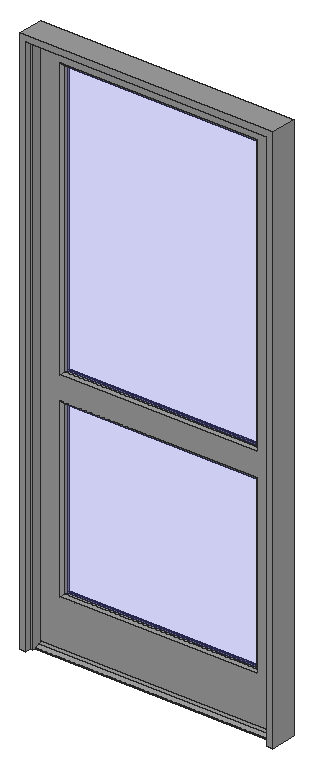
Revit family "MS-375 DOOR-VIP-0-25-CW_v04", category Curtain Panels, Revit 2015 (continued)
Definition of nested family "2.5x6-RTCIG CW-H8533-DHD-OHD SC-DI"
  Lines and regions (in)
    detail lines, in view "Ref. Level", detail levels fine
      curve 345: arc (0.74256, -1.408, 0) -> (0.71506, -1.3805, 0) -> (0.68756, -1.408, 0) r 0.0275
      curve 346: arc (2.00056, -1, 0) -> (1.96239, -1.07442, 0) -> (2.04511, -1.062, 0) r 0.047
      curve 347: arc (0.95295, -1.053, 0) -> (1.03486, -1.07804, 0) -> (0.99956, -1, 0) r 0.047
      curve 348: line (1.73306, -0.406, 0) -> (1.98306, -0.406, 0)
      curve 349: line (1.98306, -0.406, 0) -> (1.98306, -0.375, 0)
      curve 350: line (1.98306, -0.375, 0) -> (3.09256, -0.375, 0)
      curve 351: line (3.09256, -0.375, 0) -> (3.09256, -0.875, 0)
      curve 352: line (3.09256, -0.875, 0) -> (-1.15744, -0.875, 0)
      curve 353: line (-1.15744, -0.875, 0) -> (-1.15744, -0.375, 0)
      curve 354: line (-1.15744, -0.375, 0) -> (-0.04794, -0.375, 0)
      curve 355: line (-0.04794, -0.375, 0) -> (-0.04794, -0.406, 0)
      curve 356: line (-0.04794, -0.406, 0) -> (0.20206, -0.406, 0)
      curve 357: line (0.28006, -0.328, 0) -> (0.03006, -0.328, 0)
      curve 358: line (0.03006, -0.328, 0) -> (0.03006, -0.25, 0)
      curve 359: line (0.03006, -0.25, 0) -> (-1.28244, -0.25, 0)
      curve 360: line (-1.28244, -0.25, 0) -> (-1.28244, -1, 0)
      curve 361: line (-1.28244, -1, 0) -> (3.21756, -1, 0)
      curve 362: line (3.21756, -1, 0) -> (3.21756, -0.25, 0)
      curve 363: line (3.21756, -0.25, 0) -> (1.90506, -0.25, 0)
      curve 364: line (1.90506, -0.25, 0) -> (1.90506, -0.328, 0)
      curve 365: line (1.90506, -0.328, 0) -> (1.65506, -0.328, 0)
      curve 366: line (0.74256, -1.173, 0) -> (0.74256, -1.143, 0)
      curve 367: line (0.74256, -1.143, 0) -> (0.79756, -1.143, 0)
      curve 368: line (0.79756, -1.143, 0) -> (0.79756, -1.438, 0)
      curve 369: line (0.79756, -1.438, 0) -> (0.74256, -1.438, 0)
      curve 370: line (0.74256, -1.438, 0) -> (0.74256, -1.408, 0)
      curve 371: line (0.68756, -1.408, 0) -> (0.68756, -1.5, 0)
      curve 372: line (0.68756, -1.5, 0) -> (2.31256, -1.5, 0)
      curve 373: line (2.31256, -1.5, 0) -> (2.31256, -1, 0)
      curve 374: line (2.31256, -1, 0) -> (2.00056, -1, 0)
      curve 375: line (2.04511, -1.062, 0) -> (2.25056, -1.062, 0)
      curve 376: line (2.25056, -1.062, 0) -> (2.25056, -1.438, 0)
      curve 377: line (2.25056, -1.438, 0) -> (0.85956, -1.438, 0)
      curve 378: line (0.85956, -1.438, 0) -> (0.85956, -1.053, 0)
      curve 379: line (0.85956, -1.053, 0) -> (0.95295, -1.053, 0)
      curve 380: line (0.99956, -1, 0) -> (0.79756, -1, 0)
      curve 381: line (0.79756, -1, 0) -> (0.79756, -1.081, 0)
      curve 382: line (0.79756, -1.081, 0) -> (0.74256, -1.081, 0)
      curve 383: line (0.74256, -1.081, 0) -> (0.74256, -1, 0)
      curve 384: line (0.74256, -1, 0) -> (0.68756, -1, 0)
      curve 385: line (0.68756, -1, 0) -> (0.68756, -1.173, 0)
      curve 386: line (-1.28244, 0, 0) -> (-1.28244, -1, 0)
      curve 387: line (-1.28244, -1, 0) -> (0.68756, -1, 0)
      curve 388: line (0.68756, -1, 0) -> (0.68756, -1.5, 0)
      curve 389: line (0.68756, -1.5, 0) -> (2.31256, -1.5, 0)
      curve 390: line (2.31256, -1.5, 0) -> (2.31256, -1, 0)
      curve 391: line (2.31256, -1, 0) -> (3.21756, -1, 0)
      curve 392: line (3.21756, -1, 0) -> (3.21756, 0, 0)
      curve 393: line (3.21756, 0, 0) -> (-1.28244, 0, 0)
      curve 394: arc (-1.28244, -0.25, 0) -> (-1.26095, -0.125, 0) -> (-1.28244, 0, 0) r 0.37439
      curve 395: arc (3.21756, 0, 0) -> (3.19608, -0.125, 0) -> (3.21756, -0.25, 0) r 0.37439
      curve 396: arc (1.95497, -1.14175, 0) -> (1.95619, -1.1362, 0) -> (1.95482, -1.13068, 0) r 0.0125
      curve 397: arc (1.98284, -1.14139, 0) -> (1.98406, -1.13584, 0) -> (1.9827, -1.13032, 0) r 0.0125
      curve 398: arc (1.01743, -1.13032, 0) -> (1.01607, -1.13584, 0) -> (1.01729, -1.14139, 0) r 0.0125
      curve 399: arc (1.0453, -1.13068, 0) -> (1.04394, -1.1362, 0) -> (1.04516, -1.14175, 0) r 0.0125
      curve 400: arc (1.10681, -1.025, 0) -> (1.10028, -1.02684, 0) -> (1.09567, -1.03182, 0) r 0.0125
      curve 401: arc (1.90446, -1.03183, 0) -> (1.89985, -1.02684, 0) -> (1.89332, -1.025, 0) r 0.0125
      curve 402: line (-1.03244, -0.25, 0) -> (-1.03244, 0, 0)
      curve 403: line (-1.03244, 0, 0) -> (2.96756, 0, 0)
      curve 404: line (2.96756, 0, 0) -> (2.96756, -0.25, 0)
      curve 405: line (2.96756, -0.25, 0) -> (-1.03244, -0.25, 0)
      curve 406: line (-1.03244, -0.25, 0) -> (2.96756, 0, 0)
      curve 407: line (-1.03244, 0, 0) -> (2.96756, -0.25, 0)
      curve 408: line (1.95497, -1.14175, 0) -> (1.89789, -1.26122, 0)
      curve 409: line (1.89789, -1.26122, 0) -> (1.92045, -1.272, 0)
      curve 410: line (1.92045, -1.272, 0) -> (1.98284, -1.14139, 0)
      curve 411: line (1.9827, -1.13032, 0) -> (1.92904, -1.025, 0)
      curve 412: line (1.92904, -1.025, 0) -> (1.95506, -1.025, 0)
      curve 413: line (1.95506, -1.025, 0) -> (1.95506, -1, 0)
      curve 414: line (1.95506, -1, 0) -> (1.04506, -1, 0)
      curve 415: line (1.04506, -1, 0) -> (1.04506, -1.025, 0)
      curve 416: line (1.04506, -1.025, 0) -> (1.07109, -1.025, 0)
      curve 417: line (1.07109, -1.025, 0) -> (1.01743, -1.13032, 0)
      curve 418: line (1.01729, -1.14139, 0) -> (1.07968, -1.272, 0)
      curve 419: line (1.07968, -1.272, 0) -> (1.10224, -1.26122, 0)
      curve 420: line (1.10224, -1.26122, 0) -> (1.04516, -1.14175, 0)
      curve 421: line (1.0453, -1.13068, 0) -> (1.09567, -1.03182, 0)
      curve 422: line (1.10681, -1.025, 0) -> (1.89332, -1.025, 0)
      curve 423: line (1.90446, -1.03183, 0) -> (1.95482, -1.13068, 0)
      curve 424: line (0.54796, -1.18033, 0) -> (0.56296, -1.18633, 0)
      curve 425: line (0.56296, -1.18633, 0) -> (0.57696, -1.19533, 0)
      curve 426: line (0.57696, -1.19533, 0) -> (0.60296, -1.19933, 0)
      curve 427: line (0.60296, -1.19933, 0) -> (0.62096, -1.20333, 0)
      curve 428: line (0.62096, -1.20333, 0) -> (0.65696, -1.20433, 0)
      curve 429: line (0.65696, -1.20433, 0) -> (0.67296, -1.20633, 0)
      curve 430: line (0.67296, -1.20633, 0) -> (0.69296, -1.20833, 0)
      curve 431: line (0.69296, -1.20833, 0) -> (0.69696, -1.21433, 0)
      curve 432: line (0.69696, -1.21433, 0) -> (0.70996, -1.20833, 0)
      curve 433: line (0.70996, -1.20833, 0) -> (0.69696, -1.21433, 0)
      curve 434: line (0.55396, -1.35233, 0) -> (0.58296, -1.35233, 0)
      curve 435: line (0.58296, -1.35233, 0) -> (0.60796, -1.35233, 0)
      curve 436: line (0.60796, -1.35233, 0) -> (0.62496, -1.35433, 0)
      curve 437: line (0.62496, -1.35433, 0) -> (0.65696, -1.35433, 0)
      curve 438: line (0.65696, -1.35433, 0) -> (0.67696, -1.35533, 0)
      curve 439: line (0.67696, -1.35533, 0) -> (0.70396, -1.36133, 0)
      curve 440: line (0.70396, -1.36133, 0) -> (0.67496, -1.36433, 0)
      curve 441: line (0.67496, -1.36433, 0) -> (0.68996, -1.37033, 0)
      curve 442: line (0.68996, -1.37033, 0) -> (0.67296, -1.36633, 0)
      curve 443: line (0.67296, -1.36633, 0) -> (0.65096, -1.36833, 0)
      curve 444: line (0.65096, -1.36833, 0) -> (0.58796, -1.37733, 0)
      curve 445: line (0.58796, -1.37733, 0) -> (0.60596, -1.37733, 0)
      curve 446: line (0.60596, -1.37733, 0) -> (0.61696, -1.37533, 0)
      curve 447: line (0.61696, -1.37533, 0) -> (0.63196, -1.37433, 0)
      curve 448: line (0.63196, -1.37433, 0) -> (0.65896, -1.37233, 0)
      curve 449: line (0.65896, -1.37233, 0) -> (0.67896, -1.37033, 0)
      curve 450: line (0.67896, -1.37033, 0) -> (0.65296, -1.36633, 0)
      curve 451: line (0.65296, -1.36633, 0) -> (0.62296, -1.36633, 0)
      curve 452: line (0.62296, -1.36633, 0) -> (0.58996, -1.36433, 0)
      curve 453: line (0.58996, -1.36433, 0) -> (0.54796, -1.36933, 0)
      curve 454: line (0.57196, -1.38433, 0) -> (0.58996, -1.38133, 0)
      curve 455: line (0.58996, -1.38133, 0) -> (0.54796, -1.38833, 0)
      curve 456: line (0.54796, -1.38833, 0) -> (0.57196, -1.38433, 0)
      curve 457: line (0.54996, -1.24133, 0) -> (0.56796, -1.23933, 0)
      curve 458: line (0.56796, -1.23933, 0) -> (0.58096, -1.23733, 0)
      curve 459: line (0.58096, -1.23733, 0) -> (0.59396, -1.23533, 0)
      curve 460: line (0.59396, -1.23533, 0) -> (0.61496, -1.23533, 0)
      curve 461: line (0.61496, -1.23533, 0) -> (0.62796, -1.23533, 0)
      curve 462: line (0.62796, -1.23533, 0) -> (0.65696, -1.23733, 0)
      curve 463: line (0.65696, -1.23733, 0) -> (0.67096, -1.23733, 0)
      curve 464: line (0.67096, -1.23733, 0) -> (0.67896, -1.23933, 0)
      curve 465: line (0.67896, -1.23933, 0) -> (0.69696, -1.24133, 0)
      curve 466: line (0.69696, -1.24133, 0) -> (0.71096, -1.24433, 0)
      curve 467: line (0.71096, -1.24433, 0) -> (0.72796, -1.25233, 0)
      curve 468: line (0.72796, -1.25233, 0) -> (0.74196, -1.25233, 0)
      curve 469: line (0.74196, -1.25233, 0) -> (0.72596, -1.24433, 0)
      curve 470: line (0.72596, -1.24433, 0) -> (0.71096, -1.25033, 0)
      curve 471: line (0.71096, -1.25033, 0) -> (0.70196, -1.25033, 0)
      curve 472: line (0.70196, -1.25033, 0) -> (0.68596, -1.25033, 0)
      curve 473: line (0.68596, -1.25033, 0) -> (0.67096, -1.24633, 0)
      curve 474: line (0.67096, -1.24633, 0) -> (0.65496, -1.24633, 0)
      curve 475: line (0.65496, -1.24633, 0) -> (0.62296, -1.24633, 0)
      curve 476: line (0.62296, -1.24633, 0) -> (0.60596, -1.24633, 0)
      curve 477: line (0.60596, -1.24633, 0) -> (0.59396, -1.24633, 0)
      curve 478: line (0.59396, -1.24633, 0) -> (0.54796, -1.25433, 0)
      curve 479: line (0.54996, -1.20833, 0) -> (0.56096, -1.20833, 0)
      curve 480: line (0.56096, -1.20833, 0) -> (0.58096, -1.20833, 0)
      curve 481: line (0.58096, -1.20833, 0) -> (0.59196, -1.20633, 0)
      curve 482: line (0.59196, -1.20633, 0) -> (0.59896, -1.20633, 0)
      curve 483: line (0.59896, -1.20633, 0) -> (0.60596, -1.20833, 0)
      curve 484: line (0.60596, -1.20833, 0) -> (0.62296, -1.21433, 0)
      curve 485: line (0.62296, -1.21433, 0) -> (0.65496, -1.21233, 0)
      curve 486: line (0.65496, -1.21233, 0) -> (0.66196, -1.21033, 0)
      curve 487: line (0.66196, -1.21033, 0) -> (0.67096, -1.21233, 0)
      curve 488: line (0.67096, -1.21233, 0) -> (0.68096, -1.21233, 0)
      curve 489: line (0.68096, -1.21233, 0) -> (0.68996, -1.21233, 0)
      curve 490: line (0.74596, -1.21033, 0) -> (0.73496, -1.21033, 0)
      curve 491: line (0.73496, -1.21033, 0) -> (0.74196, -1.21033, 0)
      curve 492: line (0.74196, -1.21033, 0) -> (0.75296, -1.21033, 0)
      curve 493: line (0.75296, -1.21033, 0) -> (0.76396, -1.21033, 0)
      curve 494: line (0.76396, -1.21033, 0) -> (0.77496, -1.20633, 0)
      curve 495: line (0.77896, -1.20633, 0) -> (0.76796, -1.20633, 0)
      curve 496: line (0.76796, -1.20633, 0) -> (0.76096, -1.20633, 0)
      curve 497: line (0.76096, -1.20633, 0) -> (0.75296, -1.20833, 0)
      curve 498: line (0.75296, -1.20833, 0) -> (0.74596, -1.21033, 0)
      curve 499: line (0.78096, -1.27033, 0) -> (0.76996, -1.27233, 0)
      curve 500: line (0.76996, -1.27233, 0) -> (0.75496, -1.27433, 0)
      curve 501: line (0.75496, -1.27433, 0) -> (0.74396, -1.27433, 0)
      curve 502: line (0.74396, -1.27433, 0) -> (0.73496, -1.27433, 0)
      curve 503: line (0.73496, -1.27433, 0) -> (0.71496, -1.27433, 0)
      curve 504: line (0.71496, -1.27433, 0) -> (0.69696, -1.27433, 0)
      curve 505: line (0.69696, -1.27433, 0) -> (0.67496, -1.27033, 0)
      curve 506: line (0.67496, -1.27033, 0) -> (0.65696, -1.27033, 0)
      curve 507: line (0.65696, -1.27033, 0) -> (0.60996, -1.27033, 0)
      curve 508: line (0.60996, -1.27033, 0) -> (0.57396, -1.27033, 0)
      curve 509: line (0.57396, -1.27033, 0) -> (0.54796, -1.26833, 0)
      curve 510: line (0.54796, -1.26133, 0) -> (0.56796, -1.26133, 0)
      curve 511: line (0.56796, -1.26133, 0) -> (0.59696, -1.26133, 0)
      curve 512: line (0.59696, -1.26133, 0) -> (0.62496, -1.26133, 0)
      curve 513: line (0.62496, -1.26133, 0) -> (0.66796, -1.26333, 0)
      curve 514: line (0.66796, -1.26333, 0) -> (0.70096, -1.26433, 0)
      curve 515: line (0.70096, -1.26433, 0) -> (0.71896, -1.26333, 0)
      curve 516: line (0.71896, -1.26333, 0) -> (0.73296, -1.26333, 0)
      curve 517: line (0.73296, -1.26333, 0) -> (0.75096, -1.26333, 0)
      curve 518: line (0.75096, -1.26333, 0) -> (0.76096, -1.26333, 0)
      curve 519: line (0.76096, -1.26333, 0) -> (0.76796, -1.26333, 0)
      curve 520: line (0.76796, -1.26333, 0) -> (0.78096, -1.26333, 0)
      curve 521: line (0.78096, -1.25133, 0) -> (0.76996, -1.25033, 0)
      curve 522: line (0.76996, -1.25033, 0) -> (0.76196, -1.25033, 0)
      curve 523: line (0.76196, -1.25033, 0) -> (0.75096, -1.25233, 0)
      curve 524: line (0.75096, -1.25233, 0) -> (0.74196, -1.25233, 0)
      curve 525: line (0.74196, -1.25233, 0) -> (0.74996, -1.24833, 0)
      curve 526: line (0.74996, -1.24833, 0) -> (0.76396, -1.24633, 0)
      curve 527: line (0.76396, -1.24633, 0) -> (0.77496, -1.24333, 0)
      curve 528: line (0.76996, -1.22433, 0) -> (0.75496, -1.22433, 0)
      curve 529: line (0.75496, -1.22433, 0) -> (0.74196, -1.22633, 0)
      curve 530: line (0.74196, -1.22633, 0) -> (0.73296, -1.22633, 0)
      curve 531: line (0.73296, -1.22633, 0) -> (0.70996, -1.22433, 0)
      curve 532: line (0.70996, -1.22433, 0) -> (0.69896, -1.22333, 0)
      curve 533: line (0.69896, -1.22333, 0) -> (0.67696, -1.22433, 0)
      curve 534: line (0.67696, -1.22433, 0) -> (0.65296, -1.22333, 0)
      curve 535: line (0.65296, -1.22333, 0) -> (0.62296, -1.22333, 0)
      curve 536: line (0.62296, -1.22333, 0) -> (0.59896, -1.22133, 0)
      curve 537: line (0.59896, -1.22133, 0) -> (0.58096, -1.22133, 0)
      curve 538: line (0.58096, -1.22133, 0) -> (0.56096, -1.22133, 0)
      curve 539: line (0.56096, -1.22133, 0) -> (0.54796, -1.22233, 0)
      curve 540: line (0.73496, -1.21033, 0) -> (0.71896, -1.21233, 0)
      curve 541: line (0.71896, -1.21233, 0) -> (0.70996, -1.20833, 0)
      curve 542: line (0.70996, -1.20833, 0) -> (0.72396, -1.20833, 0)
      curve 543: line (0.72396, -1.20833, 0) -> (0.73296, -1.21233, 0)
      curve 544: line (0.73296, -1.37433, 0) -> (0.74396, -1.37433, 0)
      curve 545: line (0.74396, -1.37433, 0) -> (0.76096, -1.37433, 0)
      curve 546: line (0.76096, -1.37433, 0) -> (0.77296, -1.37433, 0)
      curve 547: line (0.78096, -1.37033, 0) -> (0.77096, -1.37033, 0)
      curve 548: line (0.77096, -1.37033, 0) -> (0.75496, -1.37033, 0)
      curve 549: line (0.75496, -1.37033, 0) -> (0.74796, -1.36833, 0)
      curve 550: line (0.74796, -1.36833, 0) -> (0.74096, -1.36833, 0)
      curve 551: line (0.74096, -1.36833, 0) -> (0.72996, -1.36633, 0)
      curve 552: line (0.72996, -1.36633, 0) -> (0.71496, -1.36633, 0)
      curve 553: line (0.71496, -1.36633, 0) -> (0.70396, -1.36633, 0)
      curve 554: line (0.70396, -1.36633, 0) -> (0.68996, -1.37033, 0)
      curve 555: line (0.68996, -1.37033, 0) -> (0.70596, -1.37233, 0)
      curve 556: line (0.70596, -1.37233, 0) -> (0.72096, -1.37233, 0)
      curve 557: line (0.72096, -1.37233, 0) -> (0.73296, -1.37433, 0)
      curve 558: line (0.75896, -1.35433, 0) -> (0.74796, -1.35033, 0)
      curve 559: line (0.74796, -1.35033, 0) -> (0.76396, -1.34633, 0)
      curve 560: line (0.76396, -1.34633, 0) -> (0.77296, -1.34633, 0)
      curve 561: line (0.77296, -1.34633, 0) -> (0.78096, -1.34833, 0)
      curve 562: line (0.78096, -1.34833, 0) -> (0.77296, -1.35433, 0)
      curve 563: line (0.77296, -1.35433, 0) -> (0.76596, -1.35433, 0)
      curve 564: line (0.76596, -1.35433, 0) -> (0.75896, -1.35433, 0)
      curve 565: line (0.54796, -1.31033, 0) -> (0.55896, -1.31033, 0)
      curve 566: line (0.55896, -1.31033, 0) -> (0.58796, -1.30833, 0)
      curve 567: line (0.58796, -1.30833, 0) -> (0.61496, -1.30833, 0)
      curve 568: line (0.61496, -1.30833, 0) -> (0.62796, -1.30833, 0)
      curve 569: line (0.62796, -1.30833, 0) -> (0.66196, -1.31033, 0)
      curve 570: line (0.66196, -1.31033, 0) -> (0.68096, -1.31233, 0)
      curve 571: line (0.68096, -1.31233, 0) -> (0.69896, -1.31433, 0)
      curve 572: line (0.69896, -1.31433, 0) -> (0.72096, -1.31433, 0)
      curve 573: line (0.72096, -1.31433, 0) -> (0.73696, -1.31433, 0)
      curve 574: line (0.73696, -1.31433, 0) -> (0.75896, -1.31433, 0)
      curve 575: line (0.75896, -1.31433, 0) -> (0.76596, -1.31433, 0)
      curve 576: line (0.76596, -1.31433, 0) -> (0.77896, -1.31033, 0)
      curve 577: line (0.54796, -1.32333, 0) -> (0.57896, -1.32133, 0)
      curve 578: line (0.57896, -1.32133, 0) -> (0.60496, -1.31933, 0)
      curve 579: line (0.60496, -1.31933, 0) -> (0.61896, -1.31933, 0)
      curve 580: line (0.61896, -1.31933, 0) -> (0.66196, -1.31933, 0)
      curve 581: line (0.66196, -1.31933, 0) -> (0.67696, -1.32133, 0)
      curve 582: line (0.67696, -1.32133, 0) -> (0.70096, -1.32133, 0)
      curve 583: line (0.70096, -1.32133, 0) -> (0.71496, -1.32133, 0)
      curve 584: line (0.71496, -1.32133, 0) -> (0.73496, -1.32133, 0)
      curve 585: line (0.73496, -1.32133, 0) -> (0.75096, -1.32333, 0)
      curve 586: line (0.75096, -1.32333, 0) -> (0.76196, -1.32433, 0)
      curve 587: line (0.76196, -1.32433, 0) -> (0.77096, -1.32433, 0)
      curve 588: line (0.77096, -1.32433, 0) -> (0.78096, -1.32433, 0)
      curve 589: line (0.73296, -1.35433, 0) -> (0.74796, -1.35433, 0)
      curve 590: line (0.74796, -1.35433, 0) -> (0.72596, -1.35733, 0)
      curve 591: line (0.72596, -1.35733, 0) -> (0.73296, -1.35433, 0)
      curve 592: line (0.71296, -1.35533, 0) -> (0.70396, -1.36133, 0)
      curve 593: line (0.70396, -1.36133, 0) -> (0.72596, -1.35733, 0)
      curve 594: line (0.72596, -1.35733, 0) -> (0.71296, -1.35533, 0)
      curve 595: line (0.54796, -1.29533, 0) -> (0.57696, -1.29533, 0)
      curve 596: line (0.57696, -1.29533, 0) -> (0.60996, -1.29533, 0)
      curve 597: line (0.60996, -1.29533, 0) -> (0.65296, -1.29533, 0)
      curve 598: line (0.65296, -1.29533, 0) -> (0.67296, -1.29533, 0)
      curve 599: line (0.67296, -1.29533, 0) -> (0.69896, -1.29933, 0)
      curve 600: line (0.69896, -1.29933, 0) -> (0.70796, -1.29933, 0)
      curve 601: line (0.70796, -1.29933, 0) -> (0.72096, -1.30133, 0)
      curve 602: line (0.72096, -1.30133, 0) -> (0.73296, -1.30133, 0)
      curve 603: line (0.73296, -1.30133, 0) -> (0.74396, -1.30133, 0)
      curve 604: line (0.74396, -1.30133, 0) -> (0.75296, -1.30133, 0)
      curve 605: line (0.75296, -1.30133, 0) -> (0.76996, -1.29933, 0)
      curve 606: line (0.76996, -1.29933, 0) -> (0.77696, -1.29933, 0)
      curve 607: line (0.77696, -1.29933, 0) -> (0.77696, -1.2896, 0)
      curve 608: line (0.78096, -1.28933, 0) -> (0.76596, -1.29033, 0)
      curve 609: line (0.76596, -1.29033, 0) -> (0.75496, -1.29033, 0)
      curve 610: line (0.75496, -1.29033, 0) -> (0.74096, -1.29233, 0)
      curve 611: line (0.74096, -1.29233, 0) -> (0.70996, -1.28833, 0)
      curve 612: line (0.70996, -1.28833, 0) -> (0.69296, -1.28833, 0)
      curve 613: line (0.69296, -1.28833, 0) -> (0.67696, -1.28833, 0)
      curve 614: line (0.67696, -1.28833, 0) -> (0.66096, -1.28633, 0)
      curve 615: line (0.66096, -1.28633, 0) -> (0.62296, -1.28633, 0)
      curve 616: line (0.62296, -1.28633, 0) -> (0.60096, -1.28433, 0)
      curve 617: line (0.60096, -1.28433, 0) -> (0.56096, -1.28333, 0)
      curve 618: line (0.56096, -1.28333, 0) -> (0.54796, -1.28333, 0)
      curve 619: line (0.54796, -1.33833, 0) -> (0.57896, -1.33533, 0)
      curve 620: line (0.57896, -1.33533, 0) -> (0.61496, -1.33733, 0)
      curve 621: line (0.61496, -1.33733, 0) -> (0.65296, -1.33733, 0)
      curve 622: line (0.65296, -1.33733, 0) -> (0.67496, -1.33733, 0)
      curve 623: line (0.67496, -1.33733, 0) -> (0.69496, -1.33733, 0)
      curve 624: line (0.69496, -1.33733, 0) -> (0.70996, -1.33733, 0)
      curve 625: line (0.70996, -1.33733, 0) -> (0.72596, -1.33933, 0)
      curve 626: line (0.72596, -1.33933, 0) -> (0.73696, -1.33933, 0)
      curve 627: line (0.73696, -1.33933, 0) -> (0.74796, -1.33933, 0)
      curve 628: line (0.74796, -1.33933, 0) -> (0.75896, -1.33933, 0)
      curve 629: line (0.75896, -1.33933, 0) -> (0.77696, -1.33733, 0)
      curve 630: line (0.78096, -1.41933, 0) -> (0.78096, -1.15933, 0)
    detail lines, in view "Ref. Level", detail levels medium
      curve 290: arc (1.65506, -0.328, 0) -> (1.67791, -0.38315, 0) -> (1.73306, -0.406, 0) r 0.078
      curve 291: arc (0.20206, -0.406, 0) -> (0.25722, -0.38315, 0) -> (0.28006, -0.328, 0) r 0.078
      curve 292: arc (0.68756, -1.173, 0) -> (0.71506, -1.2005, 0) -> (0.74256, -1.173, 0) r 0.0275
      curve 293: arc (0.74256, -1.408, 0) -> (0.71506, -1.3805, 0) -> (0.68756, -1.408, 0) r 0.0275
      curve 294: arc (2.00056, -1, 0) -> (1.96239, -1.07442, 0) -> (2.04511, -1.062, 0) r 0.047
      curve 295: arc (0.95295, -1.053, 0) -> (1.03486, -1.07804, 0) -> (0.99956, -1, 0) r 0.047
      curve 296: line (1.73306, -0.406, 0) -> (1.98306, -0.406, 0)
      curve 297: line (1.98306, -0.406, 0) -> (1.98306, -0.375, 0)
      curve 298: line (1.98306, -0.375, 0) -> (3.09256, -0.375, 0)
      curve 299: line (3.09256, -0.375, 0) -> (3.09256, -0.875, 0)
      curve 300: line (3.09256, -0.875, 0) -> (-1.15744, -0.875, 0)
      curve 301: line (-1.15744, -0.875, 0) -> (-1.15744, -0.375, 0)
      curve 302: line (-1.15744, -0.375, 0) -> (-0.04794, -0.375, 0)
      curve 303: line (-0.04794, -0.375, 0) -> (-0.04794, -0.406, 0)
      curve 304: line (-0.04794, -0.406, 0) -> (0.20206, -0.406, 0)
      curve 305: line (0.28006, -0.328, 0) -> (0.03006, -0.328, 0)
      curve 306: line (0.03006, -0.328, 0) -> (0.03006, -0.25, 0)
      curve 307: line (0.03006, -0.25, 0) -> (-1.28244, -0.25, 0)
      curve 308: line (-1.28244, -0.25, 0) -> (-1.28244, -1, 0)
      curve 309: line (-1.28244, -1, 0) -> (3.21756, -1, 0)
      curve 310: line (3.21756, -1, 0) -> (3.21756, -0.25, 0)
      curve 311: line (3.21756, -0.25, 0) -> (1.90506, -0.25, 0)
      curve 312: line (1.90506, -0.25, 0) -> (1.90506, -0.328, 0)
      curve 313: line (1.90506, -0.328, 0) -> (1.65506, -0.328, 0)
      curve 314: line (0.74256, -1.173, 0) -> (0.74256, -1.143, 0)
      curve 315: line (0.74256, -1.143, 0) -> (0.79756, -1.143, 0)
      curve 316: line (0.79756, -1.143, 0) -> (0.79756, -1.438, 0)
      curve 317: line (0.79756, -1.438, 0) -> (0.74256, -1.438, 0)
      curve 318: line (0.74256, -1.438, 0) -> (0.74256, -1.408, 0)
      curve 319: line (0.68756, -1.408, 0) -> (0.68756, -1.5, 0)
      curve 320: line (0.68756, -1.5, 0) -> (2.31256, -1.5, 0)
      curve 321: line (2.31256, -1.5, 0) -> (2.31256, -1, 0)
      curve 322: line (2.31256, -1, 0) -> (2.00056, -1, 0)
      curve 323: line (2.04511, -1.062, 0) -> (2.25056, -1.062, 0)
      curve 324: line (2.25056, -1.062, 0) -> (2.25056, -1.438, 0)
      curve 325: line (2.25056, -1.438, 0) -> (0.85956, -1.438, 0)
      curve 326: line (0.85956, -1.438, 0) -> (0.85956, -1.053, 0)
      curve 327: line (0.85956, -1.053, 0) -> (0.95295, -1.053, 0)
      curve 328: line (0.99956, -1, 0) -> (0.79756, -1, 0)
      curve 329: line (0.79756, -1, 0) -> (0.79756, -1.081, 0)
      curve 330: line (0.79756, -1.081, 0) -> (0.74256, -1.081, 0)
      curve 331: line (0.74256, -1.081, 0) -> (0.74256, -1, 0)
      curve 332: line (0.74256, -1, 0) -> (0.68756, -1, 0)
      curve 333: line (0.68756, -1, 0) -> (0.68756, -1.173, 0)
      curve 334: line (-1.28244, 0, 0) -> (-1.28244, -1, 0)
      curve 335: line (-1.28244, -1, 0) -> (0.68756, -1, 0)
      curve 336: line (0.68756, -1, 0) -> (0.68756, -1.5, 0)
      curve 337: line (0.68756, -1.5, 0) -> (2.31256, -1.5, 0)
      curve 338: line (2.31256, -1.5, 0) -> (2.31256, -1, 0)
      curve 339: line (2.31256, -1, 0) -> (3.21756, -1, 0)
      curve 340: line (3.21756, -1, 0) -> (3.21756, 0, 0)
      curve 341: line (3.21756, 0, 0) -> (-1.28244, 0, 0)
      curve 631: arc (8.63801, -2.3397, 0) -> (8.66086, -2.39486, 0) -> (8.71601, -2.4177, 0) r 0.078
      curve 632: arc (7.18501, -2.4177, 0) -> (7.24017, -2.39486, 0) -> (7.26301, -2.3397, 0) r 0.078
      curve 633: arc (7.67051, -3.1847, 0) -> (7.69801, -3.2122, 0) -> (7.72551, -3.1847, 0) r 0.0275
      curve 634: arc (7.72551, -3.4197, 0) -> (7.69801, -3.3922, 0) -> (7.67051, -3.4197, 0) r 0.0275
      curve 635: arc (8.98351, -3.0117, 0) -> (8.94534, -3.08613, 0) -> (9.02805, -3.0737, 0) r 0.047
      curve 636: arc (7.9359, -3.0647, 0) -> (8.0178, -3.08974, 0) -> (7.98251, -3.0117, 0) r 0.047
      curve 637: line (8.71601, -2.4177, 0) -> (8.96601, -2.4177, 0)
      curve 638: line (8.96601, -2.4177, 0) -> (8.96601, -2.3867, 0)
      curve 639: line (8.96601, -2.3867, 0) -> (10.07551, -2.3867, 0)
      curve 640: line (10.07551, -2.3867, 0) -> (10.07551, -2.8867, 0)
      curve 641: line (10.07551, -2.8867, 0) -> (5.82551, -2.8867, 0)
      curve 642: line (5.82551, -2.8867, 0) -> (5.82551, -2.3867, 0)
      curve 643: line (5.82551, -2.3867, 0) -> (6.93501, -2.3867, 0)
      curve 644: line (6.93501, -2.3867, 0) -> (6.93501, -2.4177, 0)
      curve 645: line (6.93501, -2.4177, 0) -> (7.18501, -2.4177, 0)
      curve 646: line (7.26301, -2.3397, 0) -> (7.01301, -2.3397, 0)
      curve 647: line (7.01301, -2.3397, 0) -> (7.01301, -2.2617, 0)
      curve 648: line (7.01301, -2.2617, 0) -> (5.70051, -2.2617, 0)
      curve 649: line (5.70051, -2.2617, 0) -> (5.70051, -3.0117, 0)
      curve 650: line (5.70051, -3.0117, 0) -> (10.20051, -3.0117, 0)
      curve 651: line (10.20051, -3.0117, 0) -> (10.20051, -2.2617, 0)
      curve 652: line (10.20051, -2.2617, 0) -> (8.88801, -2.2617, 0)
      curve 653: line (8.88801, -2.2617, 0) -> (8.88801, -2.3397, 0)
      curve 654: line (8.88801, -2.3397, 0) -> (8.63801, -2.3397, 0)
      curve 655: line (7.72551, -3.1847, 0) -> (7.72551, -3.1547, 0)
      curve 656: line (7.72551, -3.1547, 0) -> (7.78051, -3.1547, 0)
      curve 657: line (7.78051, -3.1547, 0) -> (7.78051, -3.4497, 0)
      curve 658: line (7.78051, -3.4497, 0) -> (7.72551, -3.4497, 0)
      curve 659: line (7.72551, -3.4497, 0) -> (7.72551, -3.4197, 0)
      curve 660: line (7.67051, -3.4197, 0) -> (7.67051, -3.5117, 0)
      curve 661: line (7.67051, -3.5117, 0) -> (9.29551, -3.5117, 0)
      curve 662: line (9.29551, -3.5117, 0) -> (9.29551, -3.0117, 0)
      curve 663: line (9.29551, -3.0117, 0) -> (8.98351, -3.0117, 0)
      curve 664: line (9.02805, -3.0737, 0) -> (9.23351, -3.0737, 0)
      curve 665: line (9.23351, -3.0737, 0) -> (9.23351, -3.4497, 0)
      curve 666: line (9.23351, -3.4497, 0) -> (7.84251, -3.4497, 0)
      curve 667: line (7.84251, -3.4497, 0) -> (7.84251, -3.0647, 0)
      curve 668: line (7.84251, -3.0647, 0) -> (7.9359, -3.0647, 0)
      curve 669: line (7.98251, -3.0117, 0) -> (7.78051, -3.0117, 0)
      curve 670: line (7.78051, -3.0117, 0) -> (7.78051, -3.0927, 0)
      curve 671: line (7.78051, -3.0927, 0) -> (7.72551, -3.0927, 0)
      curve 672: line (7.72551, -3.0927, 0) -> (7.72551, -3.0117, 0)
      curve 673: line (7.72551, -3.0117, 0) -> (7.67051, -3.0117, 0)
      curve 674: line (7.67051, -3.0117, 0) -> (7.67051, -3.1847, 0)
      curve 675: line (5.70051, -2.0117, 0) -> (5.70051, -3.0117, 0)
      curve 676: line (5.70051, -3.0117, 0) -> (7.67051, -3.0117, 0)
      curve 677: line (7.67051, -3.0117, 0) -> (7.67051, -3.5117, 0)
      curve 678: line (7.67051, -3.5117, 0) -> (9.29551, -3.5117, 0)
      curve 679: line (9.29551, -3.5117, 0) -> (9.29551, -3.0117, 0)
      curve 680: line (9.29551, -3.0117, 0) -> (10.20051, -3.0117, 0)
      curve 681: line (10.20051, -3.0117, 0) -> (10.20051, -2.0117, 0)
      curve 682: line (10.20051, -2.0117, 0) -> (5.70051, -2.0117, 0)
  Dimensions and locks (in)
    aligned and locked: curve 334 to curve 45
    aligned and locked: import instance to curve 340
    aligned and locked: import instance to plane 1 "Center (Front/Back)"
